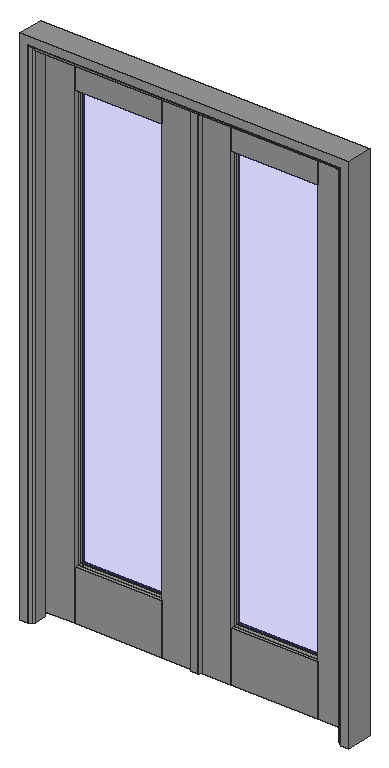
Revit family "H610G1 135mm", category Doors, host Wall, Revit 2013
Parameters (values of type "H610G1 135mm")
  Function = Interior
  Frame Projection Ext. = 25 mm
  Frame Projection Int. = 25 mm
  Frame Width = 75 mm
  Height = 2090 mm
  Wall Closure = By host
  Width = 1306 mm
Reference planes
  plane 1: y = 0
  plane 2 "Center (Left/Right)": x = 0
  plane 3 "Left": x = -653
  plane 4 "Right": x = 653
  plane 5: z = 2090
  plane 6 "Exterior": y = 75
  plane 7 "Interior": y = -75
Forms (mm)
  Sweep 1, solid, material "Lauan, Meranti"
    path origin (0, 75, 0) x (1, 0, 0) y (0, 0, 1)
      loop
        line (653, 0) -> (653, 2090) -> (-653, 2090) -> (-653, 0)
    profile "Van Acht 105x50 Door Frame Routed Profile (Heavy) : Van Acht 105x50 Door Frame Routed Profile (Heavy)" origin (653, 75, 1045) x (-1, 0, 0) y (0, -1, 0)
      loop
        line (0, 22.5) -> (38, 22.5) -> (38, 67.5) -> (50, 67.5) -> (50, 112.5)
        arc (50, 112.5) -> (44.957, 114.29) -> (42.17, 118.859) r 8
        line (42.17, 118.859) -> (39, 118.859)
        arc (39, 118.859) -> (35.311, 122.973) -> (30, 124.5) r 10
        line (30, 124.5) -> (30, 127.5) -> (0, 127.5) -> (0, 22.5)
  Extrusion 2, solid, material "Lauan, Meranti"
    sketch origin (0, 0, 0) x (1, 0, 0) y (0, 1, 0)
      loop
        line (-12, -2.5) -> (12, -2.5) -> (12, -0.5)
        arc (12, -0.5) -> (17.657, 1.843) -> (20, 7.5) r 8
        line (20, 7.5) -> (5, 7.5) -> (5, 39.5)
        spline (5, 39.5) -> (4.83, 42.088) -> (4.33, 44.5) -> (3.536, 46.571) -> (2.5, 48.16) -> (1.294, 49.159) -> (0, 49.5) -> (-1.294, 49.159) -> (-2.5, 48.16) -> (-3.536, 46.571) -> (-4.33, 44.5) -> (-4.83, 42.088) -> (-5, 39.5)
        line (-5, 39.5) -> (-5, 7.5) -> (-20, 7.5)
        arc (-20, 7.5) -> (-17.657, 1.843) -> (-12, -0.5) r 8
        line (-12, -0.5) -> (-12, -2.5)
    from 20 to 2040
  Extrusion 3, solid, material "Lauan, Meranti"
    sketch origin (0, 0, 1802) x (1, 0, 0) y (0, 1, 0)
      loop
        spline (5, 39.5) -> (4.83, 42.088) -> (4.33, 44.5) -> (3.536, 46.571) -> (2.5, 48.16) -> (1.294, 49.159) -> (0, 49.5) -> (-1.294, 49.159) -> (-2.5, 48.16) -> (-3.536, 46.571) -> (-4.33, 44.5) -> (-4.83, 42.088) -> (-5, 39.5)
        line (-5, 39.5) -> (-5, 7.5) -> (5, 7.5) -> (5, 39.5)
    from 238 to 250
  Extrusion 4, solid, material "Lauan, Meranti"
    sketch origin (208.5, -85, 0) x (0, 1, 0) y (0, 0, 1)
      loop
        line (132.5, 20) -> (132.5, 221) -> (130.5, 221)
        arc (130.5, 221) -> (128.866, 225.67) -> (124.5, 228) r 6.807
        line (124.5, 228) -> (124.5, 230) -> (122.5, 230) -> (122.5, 221) -> (92.5, 221) -> (92.5, 20) -> (132.5, 20)
      loop
        line (130.5, 1921) -> (132.5, 1921) -> (132.5, 2052) -> (92.5, 2052) -> (92.5, 1921) -> (122.5, 1921) -> (122.5, 1912) -> (124.5, 1912) -> (124.5, 1914)
        arc (124.5, 1914) -> (128.866, 1916.33) -> (130.5, 1921) r 6.807
    from -72.5 to 275.5
  Extrusion 5, solid, material "Lauan, Meranti"
    sketch origin (208.5, 0, 0) x (1, 0, 0) y (0, 1, 0)
      loop
        line (-203.5, 47.5) -> (-203.5, 7.5) -> (-72.5, 7.5) -> (-72.5, 37.5) -> (-63.5, 37.5) -> (-63.5, 39.5) -> (-65.5, 39.5)
        arc (-65.5, 39.5) -> (-67.765, 43.94) -> (-72.5, 45.5) r 6.549
        line (-72.5, 45.5) -> (-72.5, 47.5) -> (-203.5, 47.5)
      loop
        line (406.5, 47.5) -> (275.5, 47.5) -> (275.5, 45.5)
        arc (275.5, 45.5) -> (270.765, 43.94) -> (268.5, 39.5) r 6.549
        line (268.5, 39.5) -> (266.5, 39.5) -> (266.5, 37.5) -> (275.5, 37.5) -> (275.5, 7.5) -> (406.5, 7.5) -> (406.5, 47.5)
    from 20 to 2052
  Extrusion 6, solid, material "Glass"
    sketch origin (208.5, -75, 0) x (1, 0, 0) y (0, 0, 1)
      loop
        line (-72.5, 1921) -> (-72.5, 221) -> (275.5, 221) -> (275.5, 1921) -> (-72.5, 1921)
    from -112.5 to -106.1
  Sweep 7, solid, material "Lauan, Meranti"
    path origin (379.444, -75, -170.989) x (1, 0, 0) y (0, 0, 1)
      loop
        line (-243.455, 2092) -> (-243.455, 391.989) -> (104.556, 391.989) -> (104.556, 2092) -> (-243.455, 2092)
    profile origin (309.995, -75, 1921.011) x (0, 0, 1) y (0, -1, 0)
      loop
        line (-9, -106.1) -> (0, -106.1) -> (0, -98.1)
        arc (0, -98.1) -> (-4.67, -99.734) -> (-7, -104.1) r 6.807
        line (-7, -104.1) -> (-9, -104.1) -> (-9, -106.1)
  Extrusion 8, solid, material "Lauan, Meranti"
    sketch origin (-208.5, -85, 0) x (0, 1, 0) y (0, 0, -1)
      loop
        line (132.5, -20) -> (92.5, -20) -> (92.5, -221) -> (122.5, -221) -> (122.5, -230) -> (124.5, -230) -> (124.5, -228)
        arc (124.5, -228) -> (128.866, -225.67) -> (130.5, -221) r 6.807
        line (130.5, -221) -> (132.5, -221) -> (132.5, -20)
      loop
        arc (130.5, -1921) -> (128.866, -1916.33) -> (124.5, -1914) r 6.807
        line (124.5, -1914) -> (124.5, -1912) -> (122.5, -1912) -> (122.5, -1921) -> (92.5, -1921) -> (92.5, -2052) -> (132.5, -2052) -> (132.5, -1921) -> (130.5, -1921)
    from -72.5 to 275.5
  Extrusion 9, solid, material "Lauan, Meranti"
    sketch origin (-208.5, 0, 0) x (-1, 0, 0) y (0, -1, 0)
      loop
        line (-203.5, -47.5) -> (-72.5, -47.5) -> (-72.5, -45.5)
        arc (-72.5, -45.5) -> (-67.765, -43.94) -> (-65.5, -39.5) r 6.549
        line (-65.5, -39.5) -> (-63.5, -39.5) -> (-63.5, -37.5) -> (-72.5, -37.5) -> (-72.5, -7.5) -> (-203.5, -7.5) -> (-203.5, -47.5)
      loop
        line (406.5, -47.5) -> (406.5, -7.5) -> (275.5, -7.5) -> (275.5, -37.5) -> (266.5, -37.5) -> (266.5, -39.5) -> (268.5, -39.5)
        arc (268.5, -39.5) -> (270.765, -43.94) -> (275.5, -45.5) r 6.549
        line (275.5, -45.5) -> (275.5, -47.5) -> (406.5, -47.5)
    from 20 to 2052
  Extrusion 10, solid, material "Glass"
    sketch origin (-208.5, -75, 0) x (-1, 0, 0) y (0, 0, -1)
      loop
        line (-72.5, -1921) -> (275.5, -1921) -> (275.5, -221) -> (-72.5, -221) -> (-72.5, -1921)
    from -112.5 to -106.1
  Sweep 11, solid, material "Lauan, Meranti"
    path origin (-379.444, -75, -170.989) x (-1, 0, 0) y (0, 0, -1)
      loop
        line (-243.455, -2092) -> (104.556, -2092) -> (104.556, -391.989) -> (-243.455, -391.989) -> (-243.455, -2092)
    profile origin (-309.995, -75, 1921.011) x (0, 0, -1) y (0, -1, 0)
      loop
        line (9, -106.1) -> (9, -104.1) -> (7, -104.1)
        arc (7, -104.1) -> (4.67, -99.734) -> (0, -98.1) r 6.807
        line (0, -98.1) -> (0, -106.1) -> (9, -106.1)
Cuts and joins
  joined: Extrusion 2, Extrusion 3
Lines and regions (mm)
  Opening 1
    outline origin (-3050, -75, 0) x (1, 0, 0) y (0, 0, 1)
      loop
        line (2397, 0) -> (3703, 0) -> (3703, 2090) -> (2397, 2090) -> (2397, 0)
  symbolic lines, style "Elevation Swing"
    curve 1: line (0, -75, 1045) -> (-653, -75, 2090)
    curve 2: line (0, -75, 1045) -> (-653, -75, 0)
    curve 3: line (0, -75, 1045) -> (653, -75, 2090)
    curve 4: line (0, -75, 1045) -> (653, -75, 0)
  model lines
    curve 5: line (615, 52.5, 0) -> (615, 662.5, 0)
    curve 6: line (-615, 47.5, 0) -> (-615, 657.5, 0)
    curve 7: arc (-615, 657.5, 0) -> (-183.665, 478.835, 0) -> (-5, 47.5, 0) r 610
    curve 8: arc (615, 657.5, 0) -> (183.665, 478.835, 0) -> (5, 47.5, 0) r 610
Text (mm)
  text "Exterior" at (-2295.016, 1099.543, 0), in view "Ref. Level"
  text "Exterior" at (0, 1615.38, 3698.081), in view "Left"
  text "Exterior" at (0, 1036.032, 3874.932), in view "Right"
Dimensions and locks
  equal spacing: plane 3 "Left", plane 2 "Center (Left/Right)", plane 4 "Right"
  "Width": plane 3 "Left" to plane 4 "Right"
  "Height": plane 5 to host wall
  equal spacing: host wall, curve 2, plane 5
  host wall to plane 5 = 2090 mm
  locked: plane 6 "Exterior" to host wall at 0
  locked: plane 7 "Interior" to host wall
  plane 3 "Left" to plane 4 "Right" = 1306 mm  (x2)
  aligned and locked: plane 3 "Left" to Opening 1 sketch curve
  aligned and locked: plane 5 to Opening 1 sketch curve  (x2)
  aligned and locked: Opening 1 sketch curve to plane 4 "Right"
  aligned and locked: Opening 1 sketch curve to level
  aligned and locked: plane 5 to curve 1
  aligned and locked: plane 3 "Left" to curve 2
  aligned and locked: plane 1 to host wall
  aligned and locked: plane 3 "Left" to curve 1
Automatic sketch dimensions
  curve 2 to plane 2 "Center (Left/Right)" = 0 mm
  curve 2 to level = 0 mm
  plane 3 "Left" to Sweep 1 sketch curve = 0 mm
  plane 4 "Right" to Sweep 1 sketch curve = 0 mm
  Sweep 1 sketch curve to plane 5 = 0 mm
  Sweep 1 sketch curve to level = 0 mm  (x2)
  curve 4 to plane 2 "Center (Left/Right)" = 0 mm
  level to curve 4 = 1045 mm
  curve 4 to level = 0 mm
  plane 4 "Right" to curve 4 = 0 mm
  plane 4 "Right" to curve 3 = 0 mm
  curve 3 to plane 5 = 0 mm
  curve 6 to plane 3 "Left" = 38 mm
  host wall to curve 6 = 582.5 mm
  curve 7 to plane 2 "Center (Left/Right)" = 5 mm
  plane 2 "Center (Left/Right)" to curve 8 = 5 mm
  plane 4 "Right" to curve 8 = 38 mm
  curve 6 to curve 7 = 0 mm
  curve 8 to host wall = 27.5 mm
  curve 8 to curve 5 = 5 mm  (x2)
  Extrusion 2 sketch curve to host wall = 7.5 mm
  Extrusion 2 sketch curve to plane 2 "Center (Left/Right)" = 20 mm
  host wall to Extrusion 2 sketch curve = 2.5 mm
  Extrusion 2 sketch curve to plane 2 "Center (Left/Right)" = 0 mm
  host wall to Extrusion 2 sketch curve = 0.5 mm  (x2)
  Extrusion 2 sketch curve to Extrusion 2 sketch curve = 5 mm
  plane 2 "Center (Left/Right)" to Extrusion 2 sketch curve = 12 mm
  Extrusion 2 sketch curve to Extrusion 2 sketch curve = 8 mm
  Extrusion 2 sketch curve to Extrusion 2 sketch curve = 32 mm
  Extrusion 3 sketch curve to plane 2 "Center (Left/Right)" = 5 mm
  Extrusion 3 sketch curve to host wall = 7.5 mm
  Extrusion 3 sketch curve to plane 2 "Center (Left/Right)" = 0 mm
  Extrusion 3 sketch curve to Extrusion 3 sketch curve = 32 mm
  Extrusion 4 sketch curve to host wall = 7.5 mm  (x2)
  level to Extrusion 4 sketch curve = 20 mm
  Extrusion 4 sketch curve to Extrusion 4 sketch curve = 30 mm  (x2)
  Extrusion 4 sketch curve to Extrusion 4 sketch curve = 2 mm  (x6)
  Extrusion 4 sketch curve to Extrusion 4 sketch curve = 8 mm  (x2)
  Extrusion 4 sketch curve to Extrusion 4 sketch curve = 1.197 mm  (x2)
  Extrusion 4 sketch curve to Extrusion 4 sketch curve = 201 mm
  Extrusion 4 sketch curve to Extrusion 4 sketch curve = 0 mm
  Extrusion 4 sketch curve to Extrusion 4 sketch curve = 7 mm  (x2)
  plane 5 to Extrusion 4 sketch curve = 178 mm
  Extrusion 4 sketch curve to Extrusion 4 sketch curve = 0.241 mm
  plane 5 to Extrusion 4 sketch curve = 38 mm
  plane 2 "Center (Left/Right)" to Extrusion 5 sketch curve = 5 mm
  Extrusion 5 sketch curve to host wall = 7.5 mm  (x2)
  Extrusion 5 sketch curve to host wall = 37.5 mm  (x2)
  Extrusion 5 sketch curve to Extrusion 5 sketch curve = 131 mm
  Extrusion 5 sketch curve to Extrusion 5 sketch curve = 0 mm
  Extrusion 5 sketch curve to Extrusion 5 sketch curve = 7 mm  (x2)
  Extrusion 5 sketch curve to Extrusion 5 sketch curve = 2 mm  (x5)
  plane 4 "Right" to Extrusion 5 sketch curve = 178 mm
  Extrusion 5 sketch curve to Extrusion 5 sketch curve = 9 mm
  plane 4 "Right" to Extrusion 5 sketch curve = 38 mm
  Extrusion 5 sketch curve to Extrusion 5 sketch curve = 0.473 mm  (x2)
  Extrusion 5 sketch curve to Extrusion 5 sketch curve = 8 mm  (x2)
  Extrusion 5 sketch curve to host wall = 27.5 mm
  plane 2 "Center (Left/Right)" to Extrusion 6 sketch curve = 136 mm
  level to Extrusion 6 sketch curve = 221 mm
  plane 4 "Right" to Extrusion 6 sketch curve = 169 mm
  plane 5 to Extrusion 6 sketch curve = 169 mm
  plane 2 "Center (Left/Right)" to Sweep 7 sketch curve = 135.99 mm
  level to Sweep 7 sketch curve = 221 mm
  plane 4 "Right" to Sweep 7 sketch curve = 169 mm
  plane 5 to Sweep 7 sketch curve = 168.989 mm
  profile plane to Sweep 7 sketch curve = 0 mm
  profile plane to Sweep 7 sketch curve = 9 mm
  Sweep 7 sketch curve to profile plane = 106.1 mm
  Sweep 7 sketch curve to Sweep 7 sketch curve = 2 mm  (x2)
  profile plane to Sweep 7 sketch curve = 0.241 mm
  Sweep 7 sketch curve to Sweep 7 sketch curve = 8 mm
  Extrusion 8 sketch curve to host wall = 7.5 mm  (x2)
  plane 5 to Extrusion 8 sketch curve = 38 mm
  Extrusion 8 sketch curve to Extrusion 8 sketch curve = 30 mm  (x2)
  Extrusion 8 sketch curve to Extrusion 8 sketch curve = 2 mm  (x6)
  Extrusion 8 sketch curve to Extrusion 8 sketch curve = 8 mm  (x2)
  Extrusion 8 sketch curve to Extrusion 8 sketch curve = 1.197 mm  (x2)
  Extrusion 8 sketch curve to Extrusion 8 sketch curve = 131 mm
  Extrusion 8 sketch curve to Extrusion 8 sketch curve = 0 mm  (x2)
  Extrusion 8 sketch curve to Extrusion 8 sketch curve = 7 mm  (x2)
  level to Extrusion 8 sketch curve = 230 mm
  level to Extrusion 8 sketch curve = 20 mm
  Extrusion 9 sketch curve to plane 2 "Center (Left/Right)" = 5 mm
  Extrusion 9 sketch curve to host wall = 27.5 mm
  Extrusion 9 sketch curve to host wall = 37.5 mm  (x2)
  Extrusion 9 sketch curve to Extrusion 9 sketch curve = 131 mm
  Extrusion 9 sketch curve to Extrusion 9 sketch curve = 0 mm
  Extrusion 9 sketch curve to Extrusion 9 sketch curve = 7 mm  (x2)
  Extrusion 9 sketch curve to Extrusion 9 sketch curve = 2 mm  (x6)
  Extrusion 9 sketch curve to plane 3 "Left" = 178 mm
  Extrusion 9 sketch curve to host wall = 7.5 mm  (x2)
  Extrusion 9 sketch curve to Extrusion 9 sketch curve = 9 mm
  Extrusion 9 sketch curve to plane 3 "Left" = 38 mm
  Extrusion 9 sketch curve to Extrusion 9 sketch curve = 0.473 mm  (x2)
  Extrusion 9 sketch curve to Extrusion 9 sketch curve = 10 mm
  Extrusion 10 sketch curve to plane 2 "Center (Left/Right)" = 136 mm
  plane 5 to Extrusion 10 sketch curve = 169 mm
  Extrusion 10 sketch curve to plane 3 "Left" = 169 mm
  level to Extrusion 10 sketch curve = 221 mm
  Sweep 11 sketch curve to plane 2 "Center (Left/Right)" = 135.99 mm
  plane 5 to Sweep 11 sketch curve = 168.989 mm
  Sweep 11 sketch curve to plane 3 "Left" = 169 mm
  level to Sweep 11 sketch curve = 221 mm
  Sweep 11 sketch curve to profile plane = 0 mm
  Sweep 11 sketch curve to profile plane = 9 mm
  Sweep 11 sketch curve to profile plane = 106.1 mm
  Sweep 11 sketch curve to Sweep 11 sketch curve = 2 mm  (x2)
  Sweep 11 sketch curve to profile plane = 0.241 mm
  Sweep 11 sketch curve to Sweep 11 sketch curve = 8 mm
